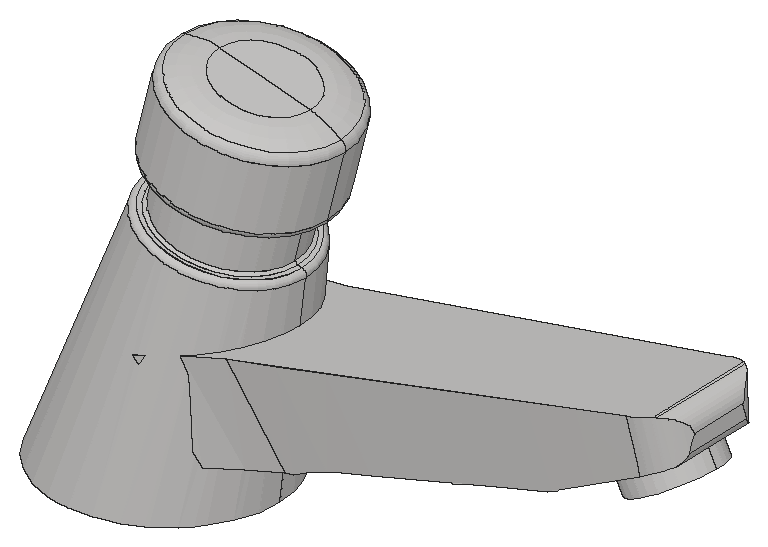
Revit family
Parameters
  WaterSupplyTemperatureMaximum = "55°C-85° (∆50°C : CW/HW)"
  WarrantyDurationUnit = "10 years"
  WarrantyDescription = "Any manufacturing defect"
  Version = "v1"
  SerialNumber = "3456330008129"
  ProductInformation = "http://www.delabie.com/products/745100"
  Operation = "Time flow tap"
  NominalLength = 110 mm
  NominalHeight = 35 mm
  Name = "TEMPOSTOP"
  ModelNumber = "745100"
  Material = Solid brass
  ManufacturerURL = "http://www.delabie.com"
  ManufacturerName = "DELABIE"
  IntegralAccessoryOptions = "Thermostatic mixing valve"
  Grade = "ACS - NF - WRAS - VA APPROVAL - PZH - HKWSD"
  FlowRate lps = "0.05 lps at 3 bar"
  FlowRate lpm = "3 lpm at 3 bar"
  Finish = Chrome-plated
  Features  = "Deck-mounted time flow basin tap:\r\nTime flow ~7 sec.\r\nFlow rate pre-set at 3 lpm at 3 bar, can be adjusted from 1.5 to 6 lpm.\r\nTamperproof scale-resistant flow straightener.\r\nSolid chrome-plated brass body M½\".\r\nFixing with back-nut."
  Description = "French manufacturer Delabie is a leader in the European sanitary ware market for non-domestic places. Water controls, solutions for disabled people, sanitary ware, for schools, leisure centres, offices, hospitals, airports…"
  URL = "http://www.delabie.com"
  Type Comments = "Deck-mounted time flow tap"
  Radius = 10.3 mm
  Model = "TEMPOSTOP"
  Manufacturer = "DELABIE"
  Category = "Basin tap"
  CW Connection = no
  Assembly Code = ""
Reference planes
  plane 1 "Center (Front/Back)": y = 0
  plane 2: z = 0
  plane 3 "Center (Left/Right)": x = 0
Forms (mm)
  Revolve 1, solid, material "Laiton massif chromé"
    sketch origin (41.705, 0, 5.409) x (0.968159, 0, -0.250337) y (0.250337, 0, 0.968159)
      loop
        line (-38.247, -21.712) -> (-38.247, 65.808) -> (-48.154, 65.808)
        arc (-48.154, 65.808) -> (-51.767, 65.396) -> (-55.195, 64.183) r 16.061
        arc (-55.195, 64.183) -> (-56.089, 63.405) -> (-56.475, 62.284) r 2.29
        line (-56.475, 62.284) -> (-56.475, 47.808)
        arc (-56.475, 47.808) -> (-56.036, 46.747) -> (-54.976, 46.308) r 1.5
        line (-54.976, 46.308) -> (-52.235, 46.308) -> (-52.235, 36.208) -> (-53.047, 35.863) -> (-53.917, 35.794)
        arc (-53.917, 35.794) -> (-54.767, 35.442) -> (-55.119, 34.592) r 1.202
        line (-55.119, 34.592) -> (-62.36, -21.712) -> (-38.247, -21.712)
      axis (-38.247, 65.808) -> (-38.247, -21.712)
    angle from 0 to 360
  SweptBlend 2, solid, material "Laiton massif chromé"
    path origin (63.213, 0, 2.036) x (0.979639, 0, 0.200768) y (-0.200768, 0, 0.979639)
      loop
        line (8.284, 39.237) -> (8.284, 18.195)
    profile origin (63.451, 0, 42.137) x (0.979639, 0, 0.200768) y (0, -1, 0)
      loop
        arc (-55.734, -19.642) -> (-47.374, -17.068) -> (-38.709, -15.867) r 54.422
        line (-38.709, -15.867) -> (44.856, -13.079)
        arc (44.856, -13.079) -> (51.104, -10.957) -> (53.868, -4.964) r 8.361
        arc (53.868, -4.964) -> (54.357, 0.158) -> (53.853, 5.278) r 26.64
        arc (53.853, 5.278) -> (50.986, 11.061) -> (44.856, 13.079) r 8.361
        line (44.856, 13.079) -> (-38.709, 15.867)
        arc (-38.709, 15.867) -> (-47.374, 17.068) -> (-55.734, 19.642) r 54.422
        line (-55.734, 19.642) -> (-55.734, -19.642)
    end profile origin (67.676, 0, 21.523) x (0.979639, 0, 0.200768) y (0, -1, 0)
      loop
        arc (44.22, -10.583) -> (49.375, -8.667) -> (52.279, -3.997) r 8.502
        arc (52.279, -3.997) -> (52.676, -0.998) -> (52.497, 2.022) r 15.885
        arc (52.497, 2.022) -> (50.108, 7.994) -> (44.22, 10.583) r 8.502
        line (44.22, 10.583) -> (-33.026, 12.632)
        arc (-33.026, 12.632) -> (-40.842, 13.512) -> (-48.497, 15.319) r 65.794
        line (-48.497, 15.319) -> (-47.691, -15.083)
        arc (-47.691, -15.083) -> (-40.428, -13.442) -> (-33.026, -12.632) r 65.794
        line (-33.026, -12.632) -> (44.22, -10.583)
  Sweep 3, void
    path origin (41.705, 0, 5.409) x (0.968159, 0, -0.250337) y (0, 1, 0)
      loop
        line (32.233, 23.3) -> (32.233, -21.7)
    profile origin (72.912, 0.8, -2.66) x (0.968159, 0, -0.250337) y (0.250337, 0, 0.968159)
      loop
        arc (-32.233, 13.603) -> (-36.139, 11.037) -> (-39.619, 7.918) r 31.247
        line (-39.619, 7.918) -> (-38.616, 8.095) -> (37.209, 44.604) -> (28.53, 65.546) -> (22.065, 62.668) -> (24.776, 62.905)
        arc (24.776, 62.905) -> (27.728, 62.497) -> (29.558, 60.144) r 3.957
        line (29.558, 60.144) -> (30.251, 56.882)
        arc (30.251, 56.882) -> (30.118, 55.672) -> (29.552, 54.595) r 3.266
        line (29.552, 54.595) -> (8.163, 36.002) -> (-32.233, 13.603)
  Sweep 4, void
    path origin (41.705, 0, 5.409) x (0.968159, 0, -0.250337) y (0, 1, 0)
      loop
        line (-36.111, 30.783) -> (-36.111, -34.217)
    profile origin (6.744, -1.717, 14.449) x (0.968159, 0, -0.250337) y (0.250337, 0, 0.968159)
      loop
        line (25.074, -8.441) -> (-35.931, -24.215) -> (25.074, -24.215) -> (25.074, -8.441)
  Extrusion 5, solid, material "Laiton massif chromé"
    sketch origin (74.757, 0, -25.697) x (0.891924, 0, 0.452186) y (0, 1, 0)
      loop
        circle (56.522, 0) r 9.5
    from 38.635 to 42.959
Cuts and joins
  Sweep 3 cuts SweptBlend 2
  Sweep 4 cuts Revolve 1
Connectors
  piping at (0, 0, 0), driven by "Radius"
    settings: index 1, connector radius 10.3 mm, flow factor 0, pipe flow 0.05 L/s, pressure drop 0.0 Pa, fitting loss kfactor 0, connector angle 0.00°, fixture units 0, flow configuration 1, flow direction 1, fitting loss method 0, system type 19, connector reference index -1, connector utility 0, adjustable connector no, is connector primary yes, fitting loss table "", connector description "In - Cold water or Mixed water"
